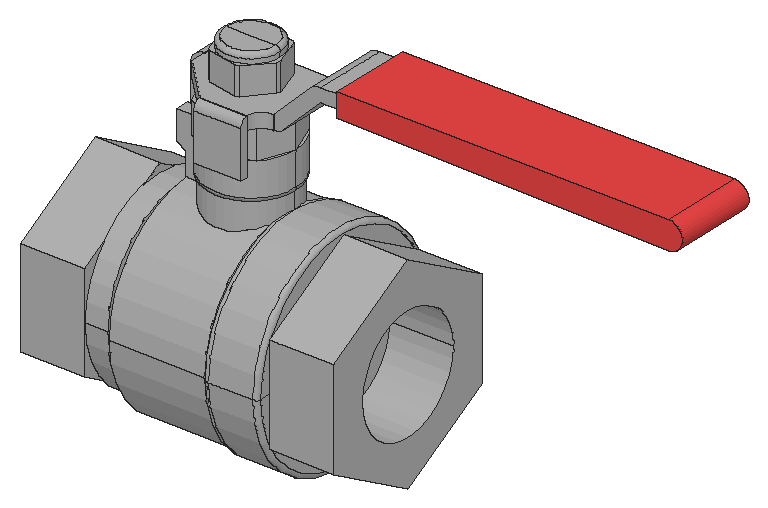
Revit family "QA01120000", category Apparecchi idraulici, Revit 2016
Family settings
  Tipo di parte = Normale
  Quota connettore circolare = Usa diametro
  Numero OmniClass = 23.45.00.00
  Titolo OmniClass = Sanitary, Laundry, and Cleaning Equipment
  Basato su piano di lavoro = No
  Sempre verticale = Sì
  Taglio con vuoti quando caricato = No
  Condiviso = No
  Punto di calcolo locali = No
Parameters
  URL = "https://web.cimberio.it/index.php/figura/112?subcategoria_id=41693"
  DN Model [instance] = QA01121025 : QA01121025
  DN [instance] = 25 mm
Reference planes
  plane 1 "Centro (Fronte/Retro)": y = 0
  plane 2: z = 0
  plane 3 "Centro (Sinistra/Destra)": x = 0
Dimensions and locks
  aligned and locked: level to plane 2
Nested families
  nested 1: "QA01121025" at (0, 0, 0), type <- "DN Model", type "QA01121025"
  nested 2: "QA01121025" at (0, 0, 0), type <- "DN Model", type "QA01121025"
  nested 3: "QA01121025" at (0, 0, 0), type <- "DN Model", type "QA01121025"
  nested 4: "QA01121025" at (0, 0, 0), type <- "DN Model", type "QA01121025"
  nested 5: "QA01121025" at (0, 0, 0), type <- "DN Model", type "QA01121025"
  nested 6: "QA01121025" at (0, 0, 0), type <- "DN Model", type "QA01121025"
  nested 7: "QA01121025" at (0, 0, 0), type <- "DN Model", type "QA01121025"
  nested 8: "QA01121025" at (0, 0, 0), type <- "DN Model", type "QA01121025"
  nested 9: "QA01121025" at (0, 0, 0), type <- "DN Model", type "QA01121025"
  nested 10: "QA01121025" at (0, 0, 0), type <- "DN Model", type "QA01121025"
  nested 11: "QA01121025" at (0, 0, 0), type <- "DN Model", type "QA01121025"
Connectors
  piping at (34.165, 0, 0), diameter 25, driven by "DN"
    settings: on nested 1, index 1, connector inside diameter 609.6 mm, connector length 0 mm, flow factor 0, pipe flow 0.0 L/s, pressure drop 0.0 Pa, fitting loss kfactor 0, connector angle 0.00°, fixture units 0, engagement length 0 mm, angle of deflection 0.00°, flow configuration 0, flow direction 0, fitting loss method 0, system type 19, joint type 0, gender type 0, connector reference index -1, connector utility 0, adjustable connector no, is connector primary yes, connector description ""
  piping at (-34, 0, 0), diameter 25, driven by "DN"
    settings: on nested 1, index 2, connector inside diameter 609.6 mm, connector length 0 mm, flow factor 0, pipe flow 0.0 L/s, pressure drop 0.0 Pa, fitting loss kfactor 0, connector angle 0.00°, fixture units 0, engagement length 0 mm, angle of deflection 0.00°, flow configuration 0, flow direction 0, fitting loss method 0, system type 19, joint type 0, gender type 0, connector reference index -1, connector utility 0, adjustable connector no, is connector primary no, connector description ""
Definition of nested family "QA01121025"
  Reference planes
    plane 1 "Centro (Fronte/Retro)": y = 0
    plane 2: z = 0
    plane 3 "Centro (Sinistra/Destra)": x = 0
  Forms (mm)
    Revolve 1, solid
      sketch origin (0, 0, 0) x (1, 0, 0) y (0, 1, 0)
        loop
          line (-19.998, 6.359) -> (20.102, 6.359) -> (20.102, 22.498)
          arc (20.102, 22.498) -> (19.809, 23.206) -> (19.1, 23.5) r 1.002
          line (19.1, 23.5) -> (9.436, 23.5)
          arc (9.436, 23.5) -> (9.007, 23.461) -> (8.63, 23.254) r 1.048
          arc (8.63, 23.254) -> (8.323, 22.966) -> (7.962, 22.75) r 1.971
          line (7.962, 22.75) -> (-12.75, 22.75) -> (-15, 20.5) -> (-19.998, 20.5) -> (-19.998, 6.359)
        axis (-19.998, 0) -> (20.102, 0)
      angle from 0 to 360
    Revolve 2, solid
      sketch origin (-0.037, 0, 4) x (1, 0, 0) y (0, 0, 1)
        loop
          line (0, 31.3) -> (0, 11.546) -> (9.351, 11.546) -> (9.351, 23.134)
          arc (9.351, 23.134) -> (9.717, 23.5) -> (9.851, 24) r 1
          line (9.851, 24) -> (9.851, 31.3) -> (0, 31.3)
        axis (0, 31.3) -> (0, 11.546)
      angle from 0 to 360
    Extrusion 3, solid
      sketch origin (0, 0, 0) x (1, 0, 0) y (0, 0, 1)
        loop
          line (-8.749, 35.3) -> (-15, 35.3) -> (-15, 29) -> (-13, 27.845) -> (-13, 14.944) -> (-8.749, 14.944) -> (-8.749, 35.3)
      from -1.5 to 1.5
    Extrusion 4, solid
      sketch origin (-0.156, 0, 28.55) x (1, 0, 0) y (0, 1, 0)
        loop
          line (0, -10) -> (7.071, -7.071) -> (10, 0) -> (7.071, 7.071) -> (0, 10) -> (-7.071, 7.071) -> (-10, 0) -> (-7.071, -7.071) -> (0, -10)
      from 6.74 to 13.75
    Extrusion 5, solid
      sketch origin (0, 0, 28.55) x (1, 0, 0) y (0, 1, 0)
        loop
          circle (0, 0) r 7.9
      from 13.75 to 14.65
    Extrusion 6, solid
      sketch origin (0, 0, 28.55) x (1, 0, 0) y (0, 1, 0)
        loop
          line (-11.348, 8) -> (-11.348, -2.152) -> (-2.301, -11.199) -> (7.994, -11.199)
          arc (7.994, -11.199) -> (8.93, -8.826) -> (11.351, -8.021) r 3.014
          line (11.351, -8.021) -> (11.351, 8) -> (-11.348, 8)
      from 14.65 to 17.65
    Extrusion 7, solid
      sketch origin (0, 0, 28.55) x (1, 0, 0) y (0, 1, 0)
        loop
          arc (-1.96, 6.98) -> (-2.407, 6.839) -> (-2.845, 6.669) r 7.25
          line (-2.845, 6.669) -> (-7.025, 1.793)
          arc (-7.025, 1.793) -> (-7.126, 1.334) -> (-7.198, 0.871) r 7.25
          line (-7.198, 0.871) -> (-5.065, -5.187)
          arc (-5.065, -5.187) -> (-4.719, -5.504) -> (-4.353, -5.798) r 7.25
          line (-4.353, -5.798) -> (1.96, -6.98)
          arc (1.96, -6.98) -> (2.407, -6.839) -> (2.845, -6.669) r 7.25
          line (2.845, -6.669) -> (7.025, -1.793)
          arc (7.025, -1.793) -> (7.126, -1.334) -> (7.198, -0.871) r 7.25
          line (7.198, -0.871) -> (5.065, 5.187)
          arc (5.065, 5.187) -> (4.719, 5.504) -> (4.353, 5.798) r 7.25
          line (4.353, 5.798) -> (-1.96, 6.98)
      from 17.65 to 23.65
    Extrusion 8, solid
      sketch origin (0, 0, 4) x (1, 0, 0) y (0, 0, 1)
        loop
          arc (-11.348, 42.2) -> (-13.47, 41.321) -> (-14.349, 39.199) r 3.001
          line (-14.349, 39.199) -> (-14.349, 30.153) -> (-11.348, 30.153) -> (-11.348, 42.2)
      from -8 to -1.5
    Extrusion 9, solid
      sketch origin (-11, 0, 4) x (0, 0, 1) y (0, 1, 0)
        loop
          line (42.2, -11.199) -> (30.153, -11.199) -> (30.153, -12.745) -> (40.367, -12.745)
          arc (40.367, -12.745) -> (41.566, -12.307) -> (42.2, -11.199) r 1.859
      from -19 to -8.699
    Extrusion 10, solid
      sketch origin (0, 0, 4) x (1, 0, 0) y (0, 0, 1)
        loop
          line (11.351, 42.2) -> (11.351, 39.2)
          arc (11.351, 39.2) -> (12.5, 39.429) -> (13.474, 40.081) r 3
          line (13.474, 40.081) -> (21.594, 48.2) -> (25.848, 48.2) -> (25.848, 51.2) -> (21.596, 51.2)
          arc (21.596, 51.2) -> (20.447, 50.972) -> (19.472, 50.321) r 3
          line (19.472, 50.321) -> (11.351, 42.2)
      from -8 to 8
    Extrusion 11, solid
      sketch origin (0, 0, 4) x (1, 0, 0) y (0, 0, 1)
        loop
          line (25.848, 52.2) -> (25.848, 47.2) -> (98.331, 46.694)
          arc (98.331, 46.694) -> (101.337, 49.7) -> (98.331, 52.706) r 3.006
          line (98.331, 52.706) -> (25.848, 52.2)
      from -9 to 9
    Revolve 12, solid
      sketch origin (0, 0, 0) x (1, 0, 0) y (0, 0, 1)
        loop
          line (0, 54.2) -> (0, 52.2) -> (6.25, 52.2) -> (6.25, 53.2)
          arc (6.25, 53.2) -> (5.989, 53.874) -> (5.344, 54.2) r 1.007
          line (5.344, 54.2) -> (0, 54.2)
        axis (0, 54.2) -> (0, 52.2)
      angle from 0 to 360
    Extrusion 13, solid
      sketch origin (-11, 0, 0) x (0, 0, 1) y (0, 1, 0)
        loop
          circle (0, 0) r 12.5
        loop
          line (-22.4, 0) -> (-10.565, -20.499) -> (10.565, -20.499) -> (22.4, 0) -> (10.565, 20.499) -> (-10.565, 20.499) -> (-22.4, 0)
      from 8.998 to 23
    Extrusion 14, solid
      sketch origin (11, 0, 0) x (0, 0, 1) y (0, -1, 0)
        loop
          circle (0, 0) r 12.5
        loop
          line (-22.4, 0) -> (-10.709, -20.249) -> (10.709, -20.249) -> (22.4, 0) -> (10.709, 20.25) -> (-10.709, 20.25) -> (-22.4, 0)
      from 8.998 to 23.165
  Cuts and joins
    joined: Revolve 1, Revolve 2, Extrusion 3
  Dimensions and locks
    aligned and locked: level to plane 2
